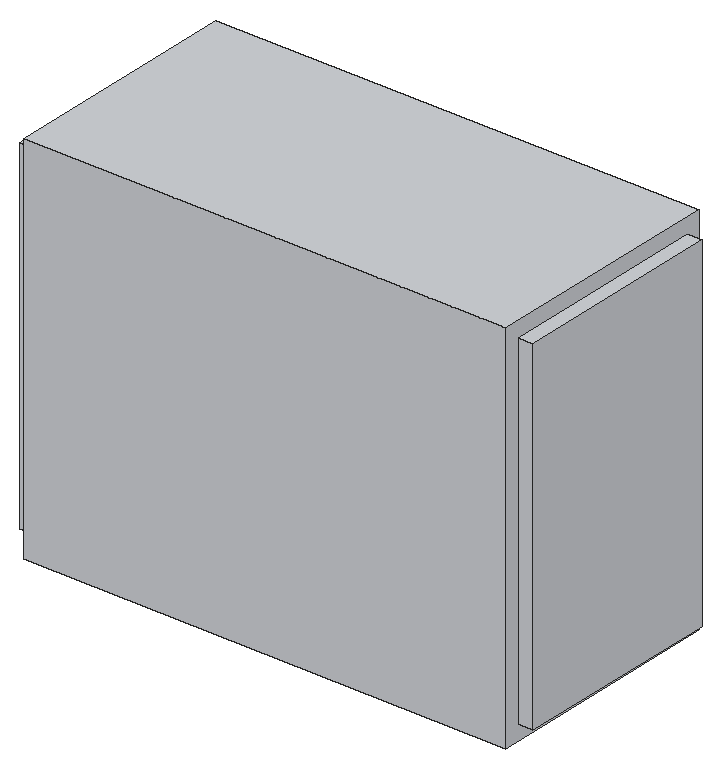
Revit family "M_AHU Módulo de inspeção - Médio", category Equipamento mecânico, Revit 2019
Family settings
  Cota do conector redondo = Utilizar diâmetro
  Tipo de parte = Normal
  Número OmniClass = 23.75.35.14
  Título OmniClass = Air Handling Units
  ID de item do Seek = AHU Inspection Module - Medium-0000-CAN-ENU
  Com base no plano de trabalho = Não
  Sempre na vertical = Sim
  Corte com vazios quando carregada = Não
  Compartilhado = Não
  Ponto de cálculo do ambiente = Não
Parameters (values of type "Para 0,3 metros quadrados de serpentina")
  Material do módulo = none
  largura da inspeção = 400 mm
  Comprimento da inspeção = 800 mm
  Altura da inspeção = 625 mm
  Largura do duto = 800 mm
  Altura do duto = 625 mm
  Largura da porta = 350 mm
  Fluxo de ar [instance] = 705.0 L/s
Types (17, lengths in mm): name | largura da inspeção | Comprimento da inspeção | Altura da inspeção | Largura do duto | Altura do duto | Largura da porta | Fluxo de ar
  (no name) | 400 | 800 | 625 | 800 | 625 | 350 | 705.0 L/s
  Para 0,3 metros quadrados de serpentina | 400 | 800 | 625 | 800 | 625 | 350 | 705.0 L/s
  Para 0,6 metros quadrados de serpentina | 400 | 1100 | 700 | 1100 | 700 | 350 | 1410.0 L/s
  Para 0,7 metros quadrados de serpentina | 400 | 1200 | 800 | 1200 | 800 | 350 | 1880.0 L/s
  Para 0,9 metros quadrados de serpentina | 400 | 1500 | 850 | 1500 | 850 | 350 | 2350.0 L/s
  Para 1,1 metros quadrados de serpentina | 400 | 1600 | 950 | 1600 | 950 | 350 | 2820.0 L/s
  Para 1,3 metros quadrados de serpentina | 400 | 1700 | 1000 | 1700 | 1000 | 350 | 3290.0 L/s
  Para 1,6 metros quadrados de serpentina | 400 | 1850 | 1100 | 1850 | 1100 | 350 | 3995.0 L/s
  Para 2,0 metros quadrados de serpentina | 400 | 1900 | 1250 | 1900 | 1250 | 350 | 4935.0 L/s
  Para 2,3 metros quadrados de serpentina | 400 | 1950 | 1400 | 1950 | 1400 | 350 | 5875.0 L/s
  Para 2,8 metros quadrados de serpentina | 400 | 2300 | 1400 | 2300 | 1400 | 350 | 7050.0 L/s
  Para 3,3 metros quadrados de serpentina | 400 | 2400 | 1550 | 2400 | 1550 | 350 | 8460.0 L/s
  Para 3,7 metros quadrados de serpentina | 400 | 2750 | 1550 | 2750 | 1550 | 350 | 9400.0 L/s
  Para 4,6 metros quadrados de serpentina | 500 | 3000 | 1850 | 3000 | 1850 | 450 | 11750.0 L/s
  Para 6,1 metros quadrados de serpentina | 500 | 3500 | 2300 | 3500 | 2300 | 450 | 15510.0 L/s
  Para 7,4 metros quadrados de serpentina | 500 | 3500 | 2750 | 3500 | 2750 | 450 | 18800.0 L/s
  Para 9,3 metros quadrados de serpentina | 500 | 3850 | 3000 | 3850 | 3000 | 450 | 23500.0 L/s
Reference planes
  plane 1 "Centro (Frente/Trás)": y = 0
  plane 2: z = 0
  plane 3 "Centro (Esquerda/Direita)": x = 0
  plane 4: x = 400
  plane 5: x = -400
  plane 6: y = 400
  plane 7: z = 625
  plane 8: x = -425.4
  plane 9: x = 425.4
  plane 10: z = 599.6
  plane 11: y = 374.6
  plane 12: z = 25.4
  plane 13: y = 24.6
Forms (mm)
  Extrusion 1, solid, material <- "Material do módulo", detail levels medium+fine
    sketch origin (0, 0, 0) x (1, 0, 0) y (0, 1, 0)
      loop
        line (-400, 400) -> (-400, 0) -> (400, 0) -> (400, 400) -> (-400, 400)
    from 0 to 625
  Extrusion 2, solid, material <- "Material do módulo", detail levels medium+fine
    sketch origin (0, 0, 0) x (0, 1, 0) y (0, 0, 1)
      loop
        line (24.6, 599.6) -> (24.6, 25.4) -> (374.6, 25.4) -> (374.6, 599.6) -> (24.6, 599.6)
    from -425.4 to 425.4
  Extrusion 3, solid, material <- "Material do módulo", detail levels coarse
    sketch origin (0, 0, 0) x (1, 0, 0) y (0, 1, 0)
      loop
        line (-425.4, 400) -> (-425.4, 0) -> (425.4, 0) -> (425.4, 400) -> (-425.4, 400)
    from 0 to 625
Cuts and joins
  joined: Extrusion 1, Extrusion 2
Dimensions and locks
  equal spacing: plane 5, plane 3 "Centro (Esquerda/Direita)", plane 4
  "Comprimento da inspeção": plane 5 to plane 4
  "largura da inspeção": plane 1 "Centro (Frente/Trás)" to plane 6
  "Altura da inspeção": plane 7 to plane 2
  locked: plane 8 to plane 5 at 25.4
  locked: plane 4 to plane 9 at 25.4
  locked: plane 12 to plane 2 at 25.4
  locked: plane 7 to plane 10 at 25.4
  locked: plane 11 to plane 6 at 25.4
  "Largura da porta": plane 13 to plane 11
  aligned and locked: plane 5 to Extrusion 1 sketch curve
  aligned and locked: plane 6 to Extrusion 1 sketch curve
  aligned and locked: plane 1 "Centro (Frente/Trás)" to Extrusion 1 sketch curve
  aligned and locked: Extrusion 1 sketch curve to plane 4
  aligned and locked: Extrusion 1 to plane 2
  aligned and locked: plane 7 to Extrusion 1
  aligned and locked: plane 13 to Extrusion 2 sketch curve
  aligned and locked: Extrusion 2 sketch curve to plane 10
  aligned and locked: plane 12 to Extrusion 2 sketch curve
  aligned and locked: plane 11 to Extrusion 2 sketch curve
  aligned and locked: plane 9 to Extrusion 2
  aligned and locked: plane 8 to Extrusion 2
  aligned and locked: plane 8 to Extrusion 3 sketch curve
  aligned and locked: plane 6 to Extrusion 3 sketch curve
  aligned and locked: plane 1 "Centro (Frente/Trás)" to Extrusion 3 sketch curve
  aligned and locked: Extrusion 3 sketch curve to plane 9
  aligned and locked: Extrusion 3 to plane 2
  aligned and locked: plane 7 to Extrusion 3
Connectors
  hvac at (0, 0, 312.5), driven by "Altura do duto", driven by "Largura do duto", driven by "Fluxo de ar"
    settings: on Extrusion 1, index 1, duct flow 705.0 L/s, flow factor 0, pres drop 0.0 Pa, loss coef 0, conn angle 0.00°, conn width 800 mm, conn height 625 mm, conn diameter 609.6 mm, duct sys type 1, conn prof type 1, flow config 0, flow direction 0, loss method 0, conn ref index 2, conn util no, is conn primary yes, conn desc ""
  hvac at (0, 400, 312.5), driven by "Altura do duto", driven by "Largura do duto", driven by "Fluxo de ar"
    settings: on Extrusion 1, index 2, duct flow 705.0 L/s, flow factor 0, pres drop 0.0 Pa, loss coef 0, conn angle 0.00°, conn width 800 mm, conn height 625 mm, conn diameter 609.6 mm, duct sys type 1, conn prof type 1, flow config 0, flow direction 0, loss method 0, conn ref index 1, conn util no, is conn primary no, conn desc ""
